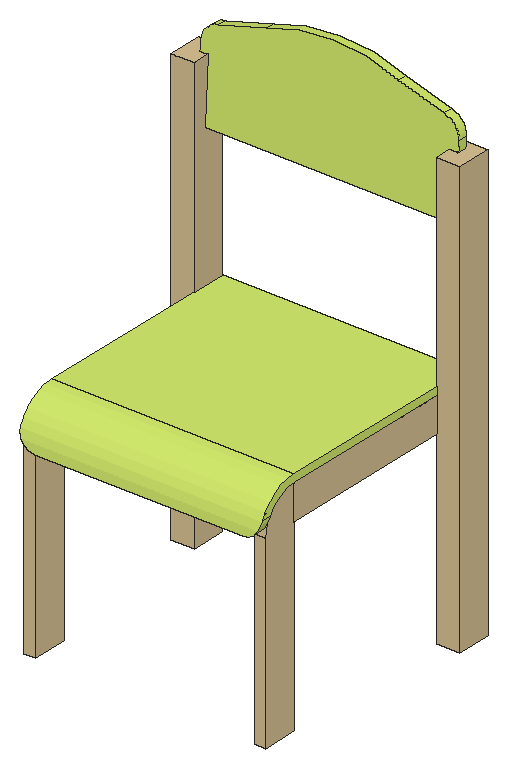
Revit family "d565c1f0901548bcaafc86da749e7375", category Mobilier, Revit 2021
Family settings
  Basée sur le plan de construction = Non
  Toujours verticalement = Oui
  Couper avec des vides une fois chargée = Non
  Partagée = Non
  Point de calcul de pièce = Non
Parameters
  Structure = Bois - Pin
  Assise et dossier = Bois - Mélaminé vert
  Elévation par défaut = 0 mm
Reference planes
  plane 1 "Centre (avant/arrière)": y = 0
  plane 2: z = 0
  plane 3 "Centre (gauche/droite)": x = -20.455
  plane 4: x = -145.455
  plane 5: x = 104.545
  plane 6 "A": z = 230
  plane 7: z = 450
  plane 8 "D": through (0, 84, 480) normal (0, 0.9975, -0.0712)
Forms (mm)
  Extrusion 1, solid, material "Bois - Pin" <- "Structure"
    sketch origin (0, 0, 0) x (1, 0, 0) y (0, 1, 0)
      loop
        line (-145.455, -156) -> (-133.455, -156) -> (-133.455, -120) -> (-145.455, -120) -> (-145.455, -156)
      loop
        line (104.545, -156) -> (104.545, -120) -> (92.545, -120) -> (92.545, -156) -> (104.545, -156)
    from 0 to 230
  Extrusion 2, void
    sketch origin (-20.455, 0, 0) x (0, 1, 0) y (0, 0, 1)
      loop
        line (-120, 230) -> (-156, 230) -> (-156, 194)
        arc (-156, 194) -> (-145.456, 219.456) -> (-120, 230) r 36
    from -125 to 125
  Extrusion 3, solid, material "Bois - Pin" <- "Structure"
    sketch origin (0, 0, 230) x (0, -1, 0) y (1, 0, 0)
      loop
        line (120, -145.455) -> (120, -133.455) -> (-100, -133.455) -> (-100, -145.455) -> (120, -145.455)
      loop
        line (120, 104.545) -> (-100, 104.545) -> (-100, 92.545) -> (120, 92.545) -> (120, 104.545)
    from 0 to -36
  Extrusion 4, solid, material "Bois - Pin" <- "Structure"
    sketch origin (0, 0, 0) x (1, 0, 0) y (0, 1, 0)
      loop
        line (128.545, 100) -> (104.545, 100) -> (104.545, 64) -> (128.545, 64) -> (128.545, 100)
      loop
        line (-169.455, 100) -> (-169.455, 64) -> (-145.455, 64) -> (-145.455, 100) -> (-169.455, 100)
    from 0 to 450
  Extrusion 5, solid, material "Bois - Mélaminé vert" <- "Assise et dossier"
    sketch origin (-20.455, 0, 0) x (0, 1, 0) y (0, 0, 1)
      loop
        line (100.714, 230) -> (100.714, 238) -> (-120, 238)
        arc (-120, 238) -> (-151.113, 225.113) -> (-164, 194) r 44
        line (-164, 194) -> (-156, 194)
        arc (-156, 194) -> (-145.456, 219.456) -> (-120, 230) r 36
        line (-120, 230) -> (100.714, 230)
    from -125 to 125
  Extrusion 6, void
    sketch origin (0, 0, 0) x (1, 0, 0) y (0, 0, 1)
      loop
        line (-145.455, 212) -> (-155.455, 212) -> (-155.455, 177) -> (114.545, 177) -> (114.545, 212) -> (104.545, 212)
        arc (104.545, 212) -> (99.273, 199.272) -> (86.545, 194) r 18
        line (86.545, 194) -> (-127.455, 194)
        arc (-127.455, 194) -> (-140.183, 199.272) -> (-145.455, 212) r 18
    from 95.83 to 250
  Sweep 7, void
    path origin (-20.455, 0, 0) x (0, 1, 0) y (0, 0, 1)
      loop
        line (83.638, 474.936) -> (77.226, 385.165)
    profile origin (-20.455, 80.432, 430.051) x (0, 0.997459, -0.071247) y (1, 0, 0)
      loop
        line (10, -125) -> (0, -125) -> (0, -133) -> (10, -133) -> (10, -125)
      loop
        line (10, 125) -> (10, 133) -> (0, 133) -> (0, 125) -> (10, 125)
  Extrusion 8, solid, material "Bois - Mélaminé vert" <- "Assise et dossier"
    sketch origin (0, 49.462, -3.533) x (0, 0.071247, 0.997459) y (1, 0, 0)
      loop
        line (389.688, -153.455) -> (464.688, -153.455)
        arc (464.688, -153.455) -> (477.544, -148.776) -> (484.385, -136.928) r 20
        arc (484.385, -136.928) -> (489.961, -112.47) -> (497.933, -88.685) r 252.841
        arc (497.933, -88.685) -> (510.809, -20.455) -> (497.933, 47.774) r 187.211
        arc (497.933, 47.774) -> (489.961, 71.56) -> (484.385, 96.018) r 252.841
        arc (484.385, 96.018) -> (477.544, 107.866) -> (464.688, 112.545) r 20
        line (464.688, 112.545) -> (389.688, 112.545) -> (389.688, -153.455)
    from 0 to 10
Cuts and joins
  Extrusion 2, Sweep 7 cuts Extrusion 1
  Extrusion 6, Sweep 7 cuts Extrusion 4
  Extrusion 6, Sweep 7 cuts Extrusion 5
  Sweep 7 cuts Extrusion 3
Dimensions and locks
  equal spacing: plane 4, plane 3 "Centre (gauche/droite)", plane 5
  plane 4 to Extrusion 1 sketch curve = 12 mm
  Extrusion 1 sketch curve to plane 5 = 12 mm
  locked: Extrusion 1 sketch curve to Extrusion 1 sketch curve at 36
  locked: Extrusion 1 sketch curve to plane 1 "Centre (avant/arrière)" at 120
  plane 6 "A" to level = 230 mm
  locked: Extrusion 4 sketch curve to Extrusion 4 sketch curve at 36
  locked: Extrusion 4 sketch curve to plane 4 at 24
  locked: plane 5 to Extrusion 4 sketch curve at 24
  plane 7 to plane 6 "A" = 220 mm
  aligned and locked: Extrusion 1 sketch curve to Extrusion 1 sketch curve  (x2)
  aligned and locked: Extrusion 1 sketch curve to plane 4
  aligned and locked: Extrusion 1 sketch curve to plane 5
  aligned and locked: Extrusion 2 to plane 4
  aligned and locked: plane 5 to Extrusion 2
  aligned and locked: Extrusion 3 sketch curve to plane 4
  aligned and locked: Extrusion 3 sketch curve to cut or joined group of Extrusion 1, Extrusion 2, Sweep 7
  aligned and locked: cut or joined group of Extrusion 1, Extrusion 2, Sweep 7 to Extrusion 3 sketch curve
  aligned and locked: Extrusion 3 sketch curve to plane 5
  aligned and locked: Extrusion 3 sketch curve to Extrusion 3 sketch curve  (x2)
  aligned and locked: Extrusion 4 sketch curve to Extrusion 4 sketch curve  (x2)
  aligned and locked: Extrusion 4 sketch curve to plane 5
  aligned and locked: Extrusion 4 sketch curve to plane 4
  aligned and locked: Extrusion 4 sketch curve to Extrusion 3
  aligned and locked: Extrusion 4 to plane 7
  aligned and locked: Extrusion 5 sketch curve to Extrusion 3
  aligned and locked: Extrusion 5 sketch curve to cut or joined group of Extrusion 1, Extrusion 2, Sweep 7
  aligned and locked: cut or joined group of Extrusion 5, Extrusion 6, Sweep 7 to Extrusion 6 sketch curve
  aligned and locked: Sweep 7 sketch curve to profile plane
  aligned and locked: plane 4 to Sweep 7 sketch curve
  aligned and locked: Extrusion 8 sketch curve to cut or joined group of Extrusion 4, Extrusion 6, Sweep 7  (x3)
Automatic sketch dimensions
  Extrusion 2 sketch curve to plane 6 "A" = 0 mm
  plane 1 "Centre (avant/arrière)" to Extrusion 2 sketch curve = 156 mm
  Extrusion 2 sketch curve to Extrusion 2 sketch curve = 36 mm
  Extrusion 6 sketch curve to plane 4 = 0 mm
  Extrusion 6 sketch curve to plane 5 = 0 mm
  Extrusion 6 sketch curve to Extrusion 6 sketch curve = 10 mm
  Extrusion 6 sketch curve to Extrusion 6 sketch curve = 18 mm
  plane 5 to Extrusion 6 sketch curve = 10 mm
  Extrusion 6 sketch curve to Extrusion 6 sketch curve = 17 mm
  plane 4 to Extrusion 6 sketch curve = 18 mm
  Sweep 7 sketch curve to profile plane = 10 mm  (x2)
  Sweep 7 sketch curve to Sweep 7 sketch curve = 8 mm  (x2)
  Sweep 7 sketch curve to profile plane = 0 mm
  plane 3 "Centre (gauche/droite)" to Sweep 7 sketch curve = 125 mm
  Extrusion 3 sketch curve to plane 1 "Centre (avant/arrière)" = 100 mm
  Extrusion 3 sketch curve to plane 5 = 12 mm
  Extrusion 5 sketch curve to Extrusion 5 sketch curve = 0 mm
  Extrusion 5 sketch curve to Extrusion 5 sketch curve = 8 mm
  plane 8 "D" to Extrusion 5 sketch curve = 34.484 mm
  Sweep 7 sketch curve to plane 8 "D" = 0 mm  (x2)
  plane 7 to Sweep 7 sketch curve = 64.835 mm
  Sweep 7 sketch curve to plane 7 = 24.936 mm
  Extrusion 8 sketch curve to plane 3 "Centre (gauche/droite)" = 0 mm
  Extrusion 8 sketch curve to Extrusion 8 sketch curve = 66.09 mm
  Extrusion 8 sketch curve to Extrusion 8 sketch curve = 75 mm  (x2)
  Extrusion 8 sketch curve to plane 5 = 12 mm
  Extrusion 8 sketch curve to Extrusion 8 sketch curve = 19.696 mm  (x2)
  plane 4 to Extrusion 8 sketch curve = 8.527 mm
  Extrusion 8 sketch curve to Extrusion 8 sketch curve = 0 mm  (x3)
  Extrusion 8 sketch curve to Extrusion 8 sketch curve = 13.549 mm  (x2)
